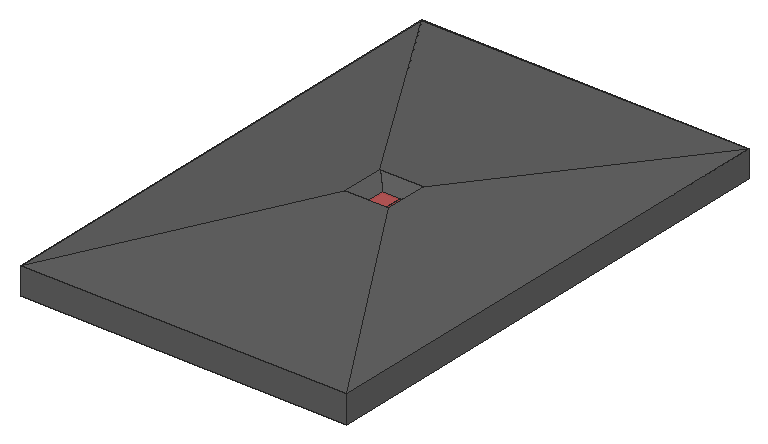
Revit family "Proximity Reader_P-500_Farpointe_R17", category Security Devices, host Face, Revit 2017
Family settings
  Host = Face
  Maintain Annotation Orientation = No
  Round Connector Dimension = Use Diameter
  Part Type = Normal
  Cut with Voids When Loaded = No
  Shared = No
  Room Calculation Point = No
Parameters
  Width = 3"
  URL - Quick Start Guides [instance] = "http://farpointedata.com/downloads/qsg_and_ref/ProximityReaders_QSG.pdf"
  URL - Mounting Guides Letter Size [instance] = "http://farpointedata.com/downloads/mounting_guides/MountingGuide_P500_Ltr.pdf"
  URL - Mounting Guides A4 Size [instance] = "http://farpointedata.com/downloads/mounting_guides/MountingGuide_P500_A4.pdf"
  URL - Data Sheets [instance] = "http://farpointedata.com/downloads/datasheets/P500_TDS.pdf"
  URL - Bid Specifications [instance] = "http://farpointedata.com/downloads/bid_specs/Farpointe_Pyramid_Specification.docx"
  URL = "http://www.farpointedata.com/"
  Modeled By [instance] = "www.commensestudio.com"
  Model = "P-500 Proximity Reader"  # constant formula
  Manufacturer = "Farpointe Data"  # constant formula
  LED [instance] = LED
  Height = 4.6"
  Description = "Single-Gang Wall Switch Box"  # constant formula
  Depth = 0.4"
  Default Elevation = 48"
  Cover [instance] = Cover
Reference planes (in)
  plane 1 "Center (Front/Back)": y = 0
  plane 2: z = 0
  plane 3 "Center (Left/Right)": x = 0
  plane 4: x = -1.5
  plane 5: x = 1.5
  plane 6: y = 2.3
  plane 7: y = -2.3
  plane 8: z = 0.4
Forms (in)
  Extrusion 1, solid, material "Cover" <- "Cover"
    sketch origin (0, 0, 0) x (1, 0, 0) y (0, 1, 0)
      loop
        line (-1.5, -2.3) -> (1.5, -2.3) -> (1.5, 2.3) -> (-1.5, 2.3) -> (-1.5, -2.3)
    from 0 to 0.25
  Blend 2, solid, material "Cover" <- "Cover"
    base sketch origin (0, 0, 0) x (1, 0, 0) y (0, 1, 0)
      loop
        line (-1.5, 2.3) -> (-1.5, -2.3) -> (1.5, -2.3) -> (1.5, 2.3) -> (-1.5, 2.3)
    top sketch origin (0, 0, 0) x (1, 0, 0) y (0, 1, 0)
      loop
        line (-0.19907, -0.19907) -> (0.19907, -0.19907) -> (0.19907, 0.19907) -> (-0.19907, 0.19907) -> (-0.19907, -0.19907)
    from 0.25 to 0.4
  Extrusion 3, solid, material "LED" <- "LED"
    sketch origin (0, 0, -0.3) x (1, 0, 0) y (0, 1, 0)
      loop
        line (0.085, -0.085) -> (0.085, 0.085) -> (-0.085, 0.085) -> (-0.085, -0.085) -> (0.085, -0.085)
    from 0.55 to 0.61
  Blend 4, void
    base sketch origin (0, 0, -0.3) x (1, 0, 0) y (0, 1, 0)
      loop
        line (-0.085, 0.085) -> (-0.085, -0.085) -> (0.085, -0.085) -> (0.085, 0.085) -> (-0.085, 0.085)
    top sketch origin (0, 0, -0.3) x (1, 0, 0) y (0, 1, 0)
      loop
        line (-0.19907, 0.19907) -> (-0.19907, -0.19907) -> (0.19907, -0.19907) -> (0.19907, 0.19907) -> (-0.19907, 0.19907)
    from 0.6 to 0.7
Cuts and joins
  Blend 4 cuts Blend 2
Dimensions and locks (in)
  equal spacing: plane 7, plane 1 "Center (Front/Back)", plane 6
  equal spacing: plane 4, plane 3 "Center (Left/Right)", plane 5
  "Height": plane 7 to plane 6
  "Width": plane 4 to plane 5
  "Depth": plane 8 to level
  aligned and locked: plane 2 to host face
  aligned and locked: level to host face
Automatic sketch dimensions
  host sketch curve to host sketch curve = 96"  (x2)
  Extrusion 1 sketch curve to plane 4 = 0"
  Extrusion 1 sketch curve to plane 5 = 0"
  plane 7 to Extrusion 1 sketch curve = 0"
  plane 6 to Extrusion 1 sketch curve = 0"
  Blend 2 sketch curve to plane 4 = 0"
  Blend 2 sketch curve to plane 5 = 0"
  plane 7 to Blend 2 sketch curve = 0"
  plane 6 to Blend 2 sketch curve = 0"
  Blend 2 sketch curve to plane 3 "Center (Left/Right)" = 0.19907"
  plane 3 "Center (Left/Right)" to Blend 2 sketch curve = 0.19907"
  plane 1 "Center (Front/Back)" to Blend 2 sketch curve = 0.19907"
  Blend 2 sketch curve to plane 1 "Center (Front/Back)" = 0.19907"
  Extrusion 3 sketch curve to plane 3 "Center (Left/Right)" = 0.085"
  plane 3 "Center (Left/Right)" to Extrusion 3 sketch curve = 0.085"
  plane 1 "Center (Front/Back)" to Extrusion 3 sketch curve = 0.085"
  Extrusion 3 sketch curve to plane 1 "Center (Front/Back)" = 0.085"
  Blend 4 sketch curve to plane 3 "Center (Left/Right)" = 0.085"
  plane 3 "Center (Left/Right)" to Blend 4 sketch curve = 0.085"
  plane 1 "Center (Front/Back)" to Blend 4 sketch curve = 0.085"
  Blend 4 sketch curve to plane 1 "Center (Front/Back)" = 0.085"
  Blend 4 sketch curve to plane 3 "Center (Left/Right)" = 0.19907"
  plane 3 "Center (Left/Right)" to Blend 4 sketch curve = 0.19907"
  plane 1 "Center (Front/Back)" to Blend 4 sketch curve = 0.19907"
  Blend 4 sketch curve to plane 1 "Center (Front/Back)" = 0.19907"
Connectors (in)
  electrical at (0, 0, 0)
    settings: index 3, voltage 0 V, apparent load 0 VA, apparent load phase1 0 VA, apparent load phase2 0 VA, apparent load phase3 0 VA, power factor 1, load classification "Other", number of poles 1, system type 10, power factor state 1, is connector primary yes, connector utility no, sub classification motor no, connector description ""
